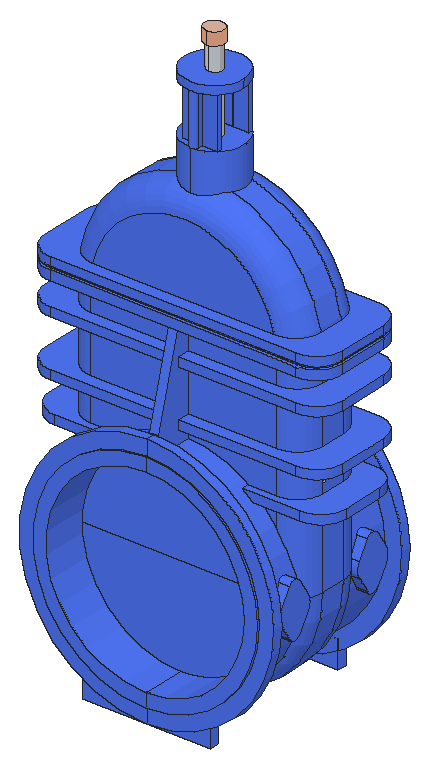
Revit family "54-3132-001 DN700-1000", category Pipe Accessories, Revit 2022
Family settings
  Round Connector Dimension = Use Diameter
  Part Type = Valve - Breaks Into
  Work Plane-Based = No
  Always vertical = No
  Cut with Voids When Loaded = No
  Shared = No
Parameters (values of type "54-0700-31-1102100")
  wedge_dim1 = Body_W * 1.1  # 300.30 mm
  sweep = size_lookup(Search_table, "sweep", 0.00 mm, DN)  # 5.00 mm
  stem_dim1 = Actuator_FLR * 0.65  # 68.25 mm
  stem_dim = F2 / 3  # 43.00 mm
  bottom_rib = OD * 0.5  # 450.00 mm
  W_half = W - W1  # 629.00 mm
  W1 = size_lookup(Search_table, "W1", 0.00 mm, DN)  # 421.00 mm
  W = size_lookup(Search_table, "W", 0.00 mm, DN)  # 1050.00 mm
  Stem_dim = Actuator_FLR * 0.5  # 52.50 mm
  Rib_W = (Bonnet_FL_W * 0.9) / 2  # 163.80 mm
  Rib_L = (Bonnet_FL_L * 0.9) / 2  # 472.50 mm
  Rib_H4 = size_lookup(Search_table, "Rib_H4", 0.00 mm, DN)  # 650.00 mm
  Rib_H3 = size_lookup(Search_table, "Rib_H3", 0.00 mm, DN)  # 550.00 mm
  Rib_H2 = size_lookup(Search_table, "Rib_H2", 0.00 mm, DN)  # 450.00 mm
  Rib_H1 = size_lookup(Search_table, "Rib_H1", 0.00 mm, DN)  # 300.00 mm
  Rib_H = Body_H * 0.8  # 598.80 mm
  Rib_Actual = W / 2  # 525.00 mm
  Raised_dis = size_lookup(Search_table, "Raised_dis", 0.00 mm, DN)  # 5.00 mm
  Raised_dia = size_lookup(Search_table, "Raised_dia", 0.00 mm, DN)  # 794.00 mm
  PN = size_lookup(Search_table, "PN", 0.00 mm, DN)  # 16.00 mm
  OD1 = H2 * 2  # 900.00 mm
  OD = size_lookup(Search_table, "OD", 0.00 mm, DN)  # 900.00 mm
  L = size_lookup(Search_table, "L", 0.00 mm, DN)  # 610.00 mm
  H2 = size_lookup(Search_table, "H2", 0.00 mm, DN)  # 450.00 mm
  H1 = size_lookup(Search_table, "H1", 0.00 mm, DN)  # 1497.00 mm
  H = 782.00 mm
  Fillet = Body_W / 3  # 91.00 mm
  FL_T = size_lookup(Search_table, "FL_T", 0.00 mm, DN)  # 39.50 mm
  F2 = size_lookup(Search_table, "F2", 0.00 mm, DN)  # 129.00 mm
  F1 = F * 0.45  # 18.90 mm
  F = Actuator_FLR * 0.4  # 42.00 mm
  DN = 700.12 mm
  Description_ = "AVK METAL SEAT GATE VALVE, FLANGED, PN 10/16"
  Default Elevation = 0.00 mm
  Search_table = "54-3132-001 DN700-1000"
  URL product pages = "https://www.avkvalves.com/P.aspx?no=540350310101100"
  Cut_dis = Bonnet_FL_T / 2  # 37.525 mm
  Bypass_R1 = Bypass_R * 2  # 52.00 mm
  Bypass_R = size_lookup(Search_table, "Bypass_R", 0.00 mm, DN)  # 26.00 mm
  Bypass_W = size_lookup(Search_table, "Bypass_W", 0.00 mm, DN)  # 65.00 mm
  Bypass_Location = size_lookup(Search_table, "Bypass_Location", 0.00 mm, DN)  # 172.00 mm
  Bypass_L = size_lookup(Search_table, "Bypass_L", 0.00 mm, DN)  # 70.00 mm
  Bore = DN / 2  # 350.06 mm
  Bonnet_fillet = Fillet / 3  # 30.333 mm
  Bonnet_dim3 = H1 * 0.86  # 1287.42 mm
  Bonnet_dim2 = Body_W * 0.35  # 95.55 mm
  Bonnet_dim1 = Body_L * 0.2  # 168.00 mm
  Bonnet_FL_W = size_lookup(Search_table, "Bonnet_FL_W", 0.00 mm, DN)  # 364.00 mm
  Bonnet_FL_T = FL_T * 1.9  # 75.05 mm
  Bonnet_FL_L = size_lookup(Search_table, "Bonnet_FL_L", 0.00 mm, DN)  # 1050.00 mm
  Body_rib_T = FL_T * 0.4  # 15.80 mm
  Body_T = size_lookup(Search_table, "Body_T", 0.00 mm, DN) / 2  # 342.50 mm
  Body_W = Bonnet_FL_W * 0.75  # 273.00 mm
  Body_L = Bonnet_FL_L * 0.8  # 840.00 mm
  Body_H = H1 / 2  # 748.50 mm
  BP_centre = Bypass_R / 2  # 13.00 mm
  Actuator_dim2 = Actuator_dim1 * 0.6  # 37.80 mm
  Actuator_dim1 = Actuator_FLR * 0.6  # 63.00 mm
  Actuator_FLR = size_lookup(Search_table, "Actuator_FLR", 0.00 mm, DN) / 2  # 105.00 mm
  ADN = size_lookup(Search_table, "ADN", 0.00 mm, DN)  # 700.00 mm
  ACtuator_T = Body_rib_T * 1.8  # 28.44 mm
  54-1000-32-1103100 = "DN1000_ PN16_ CTO"
  54-1000-32-1102100 = "DN1000_ PN16_ CTO"
  54-1000-32-0102100 = "DN1000_ PN10_ CTO"
  54-1000-31-1104100 = "DN1000_ PN16_ CTC"
  54-1000-31-1103100 = "DN1000_ PN16_ CTC"
  54-1000-31-1102100 = "DN1000_ PN16_ CTC"
  54-1000-31-0104100 = "DN1000_ PN10_ CTC"
  54-1000-31-0103100 = "DN1000_PN10_CTC"
  54-1000-31-0102100 = "DN1000_ PN10_ CTC"
  54-0900-32-1103100 = "DN900_ PN16_ CTO"
  54-0900-32-1102100 = "DN900_ PN16_ CTO"
  54-0900-32-0102100 = "DN900_ PN10_ CTO"
  54-0900-31-1103100 = "DN900_ PN16_ CTC"
  54-0900-31-1102100 = "DN900_ PN16_ CTC"
  54-0900-31-1101100 = "DN900_ PN16_ CTC"
  54-0900-31-0104100 = "DN900_ PN10_ CTC"
  54-0900-31-0102100 = "DN900_ PN10_ CTC"
  54-0900-31-0101100 = "DN900_ PN10_ CTC"
  54-0800-32-1103100 = "DN800_ PN16_ CTO"
  54-0800-32-1102100 = "DN800_ PN16_ CTO"
  54-0800-32-1101100 = "DN800_ PN16_ CTO"
  54-0800-32-0102100 = "DN800_ PN10_ CTO\r\nDN500_PN10_ CTC\r\nDN500_PN10_ CTC"
  54-0800-32-0101100 = "DN800_ PN10_ CTO"
  54-0800-31-1103100 = "DN800_ PN16_ CTC"
  54-0800-31-1102100 = "DN800_ PN16_ CTC"
  54-0800-31-1101100 = "DN800_ PN16_ CTC"
  54-0800-31-0103100 = "DN800_ PN10_ CTC"
  54-0800-31-0102100 = "DN800_ PN10_ CTC"
  54-0800-31-0101100 = "DN800_ PN10_ CTC"
  54-0700-32-1102100 = "DN700_ PN16_ CTO"
  54-0700-32-1101100 = "DN700_ PN16_ CTO"
  54-0700-32-0102100 = "DN700_ PN10_ CTO"
  54-0700-32-0101100 = "DN700_ PN10_ CTO"
  54-0700-31-1104100 = "DN700_ PN16_ CTC"
  54-0700-31-1103100 = "DN700_ PN16_ CTC"
  54-0700-31-1102100 = "DN700_ PN16_ CTC"
  54-0700-31-1101100 = "DN700_ PN16_ CTC"
  54-0700-31-0102100 = "DN700_ PN10_ CTC\r\nDN700_ PN10_ CTC\r\nDN700_ PN10_ CTC"
  54-0700-31-0101100 = "DN700_ PN10_ CTC"
  10 = 10.00 mm  # constant formula
  1 = 1.00 mm  # constant formula
Types (40, lengths in mm): name | wedge_dim1 | stem_dim1 | stem_dim | bottom_rib | W_half | W1 | W | Stem_dim | Rib_W | Rib_L | Rib_H4 | Rib_H3 | Rib_H2 | Rib_H1 | Rib_H | Rib_Actual | Raised_dia | PN | OD1 | OD | L | H2 | H1 | Fillet | FL_T | F2 | F1 | F | DN | Cut_dis | Bypass_Location | Bore | Bonnet_fillet | Bonnet_dim3 | Bonnet_dim2 | Bonnet_dim1 | Bonnet_FL_W | Bonnet_FL_T | Bonnet_FL_L | Body_rib_T | Body_T | Body_W | Body_L | Body_H | Actuator_dim2 | Actuator_dim1 | Actuator_FLR | ADN | ACtuator_T
  (no name) | 300.30 | 68.25 | 43.00 | 450.00 | 629.00 | 421.00 | 1050.00 | 52.50 | 163.80 | 472.50 | 650.00 | 550.00 | 450.00 | 300.00 | 598.80 | 525.00 | 794.00 | 16.00 | 900.00 | 900.00 | 610.00 | 450.00 | 1497.00 | 91.00 | 39.50 | 129.00 | 18.90 | 42.00 | 700.12 | 37.525 | 172.00 | 350.06 | 30.333 | 1287.42 | 95.55 | 168.00 | 364.00 | 75.05 | 1050.00 | 15.80 | 342.50 | 273.00 | 840.00 | 748.50 | 37.80 | 63.00 | 105.00 | 700.00 | 28.44
  54-0700-31-0101100 | 300.30 | 56.875 | 38.667 | 450.00 | 629.00 | 421.00 | 1050.00 | 43.75 | 163.80 | 472.50 | 650.00 | 550.00 | 450.00 | 300.00 | 598.80 | 525.00 | 794.00 | 10.00 | 900.00 | 900.00 | 610.00 | 450.00 | 1497.00 | 91.00 | 32.50 | 116.00 | 15.75 | 35.00 | 700.00 | 30.875 | 172.00 | 350.00 | 30.333 | 1287.42 | 95.55 | 168.00 | 364.00 | 61.75 | 1050.00 | 13.00 | 342.50 | 273.00 | 840.00 | 748.50 | 31.50 | 52.50 | 87.50 | 700.00 | 23.40
  54-0700-31-0102100 | 300.30 | 68.25 | 43.00 | 450.00 | 629.00 | 421.00 | 1050.00 | 52.50 | 163.80 | 472.50 | 650.00 | 550.00 | 450.00 | 300.00 | 598.80 | 525.00 | 794.00 | 10.00 | 900.00 | 900.00 | 610.00 | 450.00 | 1497.00 | 91.00 | 32.50 | 129.00 | 18.90 | 42.00 | 700.10 | 30.875 | 172.00 | 350.05 | 30.333 | 1287.42 | 95.55 | 168.00 | 364.00 | 61.75 | 1050.00 | 13.00 | 342.50 | 273.00 | 840.00 | 748.50 | 37.80 | 63.00 | 105.00 | 700.00 | 23.40
  54-0700-31-1101100 | 300.30 | 56.875 | 38.667 | 450.00 | 629.00 | 421.00 | 1050.00 | 43.75 | 163.80 | 472.50 | 650.00 | 550.00 | 450.00 | 300.00 | 598.80 | 525.00 | 794.00 | 16.00 | 900.00 | 900.00 | 610.00 | 450.00 | 1497.00 | 91.00 | 39.50 | 116.00 | 15.75 | 35.00 | 700.11 | 37.525 | 172.00 | 350.055 | 30.333 | 1287.42 | 95.55 | 168.00 | 364.00 | 75.05 | 1050.00 | 15.80 | 342.50 | 273.00 | 840.00 | 748.50 | 31.50 | 52.50 | 87.50 | 700.00 | 28.44
  54-0700-31-1102100 | 300.30 | 68.25 | 43.00 | 450.00 | 629.00 | 421.00 | 1050.00 | 52.50 | 163.80 | 472.50 | 650.00 | 550.00 | 450.00 | 300.00 | 598.80 | 525.00 | 794.00 | 16.00 | 900.00 | 900.00 | 610.00 | 450.00 | 1497.00 | 91.00 | 39.50 | 129.00 | 18.90 | 42.00 | 700.12 | 37.525 | 172.00 | 350.06 | 30.333 | 1287.42 | 95.55 | 168.00 | 364.00 | 75.05 | 1050.00 | 15.80 | 342.50 | 273.00 | 840.00 | 748.50 | 37.80 | 63.00 | 105.00 | 700.00 | 28.44
  54-0700-31-1103100 | 300.30 | 97.50 | 56.333 | 450.00 | 629.00 | 421.00 | 1050.00 | 75.00 | 163.80 | 472.50 | 650.00 | 550.00 | 450.00 | 300.00 | 598.80 | 525.00 | 794.00 | 16.00 | 900.00 | 900.00 | 610.00 | 450.00 | 1497.00 | 91.00 | 39.50 | 169.00 | 27.00 | 60.00 | 700.13 | 37.525 | 172.00 | 350.065 | 30.333 | 1287.42 | 95.55 | 168.00 | 364.00 | 75.05 | 1050.00 | 15.80 | 342.50 | 273.00 | 840.00 | 748.50 | 54.00 | 90.00 | 150.00 | 700.00 | 28.44
  54-0700-31-1104100 | 300.30 | 113.75 | 66.333 | 450.00 | 629.00 | 421.00 | 1050.00 | 87.50 | 163.80 | 472.50 | 650.00 | 550.00 | 450.00 | 300.00 | 598.80 | 525.00 | 794.00 | 16.00 | 900.00 | 900.00 | 610.00 | 450.00 | 1497.00 | 91.00 | 39.50 | 199.00 | 31.50 | 70.00 | 700.14 | 37.525 | 172.00 | 350.07 | 30.333 | 1287.42 | 95.55 | 168.00 | 364.00 | 75.05 | 1050.00 | 15.80 | 342.50 | 273.00 | 840.00 | 748.50 | 63.00 | 105.00 | 175.00 | 700.00 | 28.44
  54-0700-32-0101100 | 300.30 | 56.875 | 38.667 | 450.00 | 629.00 | 421.00 | 1050.00 | 43.75 | 163.80 | 472.50 | 650.00 | 550.00 | 450.00 | 300.00 | 598.80 | 525.00 | 794.00 | 10.00 | 900.00 | 900.00 | 610.00 | 450.00 | 1497.00 | 91.00 | 32.50 | 116.00 | 15.75 | 35.00 | 700.15 | 30.875 | 172.00 | 350.075 | 30.333 | 1287.42 | 95.55 | 168.00 | 364.00 | 61.75 | 1050.00 | 13.00 | 342.50 | 273.00 | 840.00 | 748.50 | 31.50 | 52.50 | 87.50 | 700.00 | 23.40
  54-0700-32-0102100 | 300.30 | 68.25 | 43.00 | 450.00 | 629.00 | 421.00 | 1050.00 | 52.50 | 163.80 | 472.50 | 650.00 | 550.00 | 450.00 | 300.00 | 598.80 | 525.00 | 794.00 | 10.00 | 900.00 | 900.00 | 610.00 | 450.00 | 1497.00 | 91.00 | 32.50 | 129.00 | 18.90 | 42.00 | 700.16 | 30.875 | 172.00 | 350.08 | 30.333 | 1287.42 | 95.55 | 168.00 | 364.00 | 61.75 | 1050.00 | 13.00 | 342.50 | 273.00 | 840.00 | 748.50 | 37.80 | 63.00 | 105.00 | 700.00 | 23.40
  54-0700-32-1101100 | 300.30 | 56.875 | 38.667 | 450.00 | 629.00 | 421.00 | 1050.00 | 43.75 | 163.80 | 472.50 | 650.00 | 550.00 | 450.00 | 300.00 | 598.80 | 525.00 | 794.00 | 16.00 | 900.00 | 900.00 | 610.00 | 450.00 | 1497.00 | 91.00 | 39.50 | 116.00 | 15.75 | 35.00 | 700.17 | 37.525 | 172.00 | 350.085 | 30.333 | 1287.42 | 95.55 | 168.00 | 364.00 | 75.05 | 1050.00 | 15.80 | 342.50 | 273.00 | 840.00 | 748.50 | 31.50 | 52.50 | 87.50 | 700.00 | 28.44
  54-0700-32-1102100 | 300.30 | 68.25 | 43.00 | 450.00 | 629.00 | 421.00 | 1050.00 | 52.50 | 163.80 | 472.50 | 650.00 | 550.00 | 450.00 | 300.00 | 598.80 | 525.00 | 794.00 | 16.00 | 900.00 | 900.00 | 610.00 | 450.00 | 1497.00 | 91.00 | 39.50 | 129.00 | 18.90 | 42.00 | 700.18 | 37.525 | 172.00 | 350.09 | 30.333 | 1287.42 | 95.55 | 168.00 | 364.00 | 75.05 | 1050.00 | 15.80 | 342.50 | 273.00 | 840.00 | 748.50 | 37.80 | 63.00 | 105.00 | 700.00 | 28.44
  54-0800-31-0101100 | 322.575 | 56.875 | 38.667 | 535.00 | 665.00 | 495.00 | 1160.00 | 43.75 | 175.95 | 522.00 | 750.00 | 650.00 | 550.00 | 190.00 | 675.60 | 580.00 | 901.00 | 10.00 | 1070.00 | 1070.00 | 660.00 | 535.00 | 1689.00 | 97.75 | 35.00 | 116.00 | 15.75 | 35.00 | 800.00 | 33.25 | 172.00 | 400.00 | 32.583 | 1452.54 | 102.638 | 185.60 | 391.00 | 66.50 | 1160.00 | 14.00 | 392.50 | 293.25 | 928.00 | 844.50 | 31.50 | 52.50 | 87.50 | 800.00 | 25.20
  54-0800-31-0102100 | 322.575 | 68.25 | 43.00 | 535.00 | 665.00 | 495.00 | 1160.00 | 52.50 | 175.95 | 522.00 | 750.00 | 650.00 | 550.00 | 190.00 | 675.60 | 580.00 | 901.00 | 10.00 | 1070.00 | 1070.00 | 660.00 | 535.00 | 1689.00 | 97.75 | 35.00 | 129.00 | 18.90 | 42.00 | 800.10 | 33.25 | 172.00 | 400.05 | 32.583 | 1452.54 | 102.638 | 185.60 | 391.00 | 66.50 | 1160.00 | 14.00 | 392.50 | 293.25 | 928.00 | 844.50 | 37.80 | 63.00 | 105.00 | 800.00 | 25.20
  54-0800-31-0103100 | 322.575 | 97.50 | 56.333 | 535.00 | 665.00 | 495.00 | 1160.00 | 75.00 | 175.95 | 522.00 | 750.00 | 650.00 | 550.00 | 190.00 | 675.60 | 580.00 | 901.00 | 10.00 | 1070.00 | 1070.00 | 660.00 | 535.00 | 1689.00 | 97.75 | 35.00 | 169.00 | 27.00 | 60.00 | 800.11 | 33.25 | 172.00 | 400.055 | 32.583 | 1452.54 | 102.638 | 185.60 | 391.00 | 66.50 | 1160.00 | 14.00 | 392.50 | 293.25 | 928.00 | 844.50 | 54.00 | 90.00 | 150.00 | 800.00 | 25.20
  54-0800-31-1101100 | 322.575 | 56.875 | 38.667 | 535.00 | 665.00 | 495.00 | 1160.00 | 43.75 | 175.95 | 522.00 | 750.00 | 650.00 | 550.00 | 190.00 | 675.60 | 580.00 | 901.00 | 16.00 | 1070.00 | 1070.00 | 660.00 | 535.00 | 1689.00 | 97.75 | 43.00 | 116.00 | 15.75 | 35.00 | 800.12 | 40.85 | 172.00 | 400.06 | 32.583 | 1452.54 | 102.638 | 185.60 | 391.00 | 81.70 | 1160.00 | 17.20 | 392.50 | 293.25 | 928.00 | 844.50 | 31.50 | 52.50 | 87.50 | 800.00 | 30.96
  54-0800-31-1102100 | 322.575 | 68.25 | 43.00 | 535.00 | 665.00 | 495.00 | 1160.00 | 52.50 | 175.95 | 522.00 | 750.00 | 650.00 | 550.00 | 190.00 | 675.60 | 580.00 | 901.00 | 16.00 | 1070.00 | 1070.00 | 660.00 | 535.00 | 1689.00 | 97.75 | 43.00 | 129.00 | 18.90 | 42.00 | 800.13 | 40.85 | 172.00 | 400.065 | 32.583 | 1452.54 | 102.638 | 185.60 | 391.00 | 81.70 | 1160.00 | 17.20 | 392.50 | 293.25 | 928.00 | 844.50 | 37.80 | 63.00 | 105.00 | 800.00 | 30.96
  54-0800-31-1103100 | 322.575 | 97.50 | 56.333 | 535.00 | 665.00 | 495.00 | 1160.00 | 75.00 | 175.95 | 522.00 | 750.00 | 650.00 | 550.00 | 190.00 | 675.60 | 580.00 | 901.00 | 16.00 | 1070.00 | 1070.00 | 660.00 | 535.00 | 1689.00 | 97.75 | 43.00 | 169.00 | 27.00 | 60.00 | 800.14 | 40.85 | 172.00 | 400.07 | 32.583 | 1452.54 | 102.638 | 185.60 | 391.00 | 81.70 | 1160.00 | 17.20 | 392.50 | 293.25 | 928.00 | 844.50 | 54.00 | 90.00 | 150.00 | 800.00 | 30.96
  54-0800-32-0101100 | 322.575 | 56.875 | 38.667 | 535.00 | 665.00 | 495.00 | 1160.00 | 43.75 | 175.95 | 522.00 | 750.00 | 650.00 | 550.00 | 190.00 | 675.60 | 580.00 | 901.00 | 10.00 | 1070.00 | 1070.00 | 660.00 | 535.00 | 1689.00 | 97.75 | 35.00 | 116.00 | 15.75 | 35.00 | 800.15 | 33.25 | 172.00 | 400.075 | 32.583 | 1452.54 | 102.638 | 185.60 | 391.00 | 66.50 | 1160.00 | 14.00 | 392.50 | 293.25 | 928.00 | 844.50 | 31.50 | 52.50 | 87.50 | 800.00 | 25.20
  54-0800-32-0102100 | 322.575 | 68.25 | 43.00 | 535.00 | 665.00 | 495.00 | 1160.00 | 52.50 | 175.95 | 522.00 | 750.00 | 650.00 | 550.00 | 190.00 | 675.60 | 580.00 | 901.00 | 10.00 | 1070.00 | 1070.00 | 660.00 | 535.00 | 1689.00 | 97.75 | 35.00 | 129.00 | 18.90 | 42.00 | 800.16 | 33.25 | 172.00 | 400.08 | 32.583 | 1452.54 | 102.638 | 185.60 | 391.00 | 66.50 | 1160.00 | 14.00 | 392.50 | 293.25 | 928.00 | 844.50 | 37.80 | 63.00 | 105.00 | 800.00 | 25.20
  54-0800-32-1101100 | 322.575 | 56.875 | 38.667 | 535.00 | 665.00 | 495.00 | 1160.00 | 43.75 | 175.95 | 522.00 | 750.00 | 650.00 | 550.00 | 190.00 | 675.60 | 580.00 | 901.00 | 16.00 | 1070.00 | 1070.00 | 660.00 | 535.00 | 1689.00 | 97.75 | 43.00 | 116.00 | 15.75 | 35.00 | 800.17 | 40.85 | 172.00 | 400.085 | 32.583 | 1452.54 | 102.638 | 185.60 | 391.00 | 81.70 | 1160.00 | 17.20 | 392.50 | 293.25 | 928.00 | 844.50 | 31.50 | 52.50 | 87.50 | 800.00 | 30.96
  54-0800-32-1102100 | 322.575 | 68.25 | 43.00 | 535.00 | 665.00 | 495.00 | 1160.00 | 52.50 | 175.95 | 522.00 | 750.00 | 650.00 | 550.00 | 190.00 | 675.60 | 580.00 | 901.00 | 16.00 | 1070.00 | 1070.00 | 660.00 | 535.00 | 1689.00 | 97.75 | 43.00 | 129.00 | 18.90 | 42.00 | 800.18 | 40.85 | 172.00 | 400.09 | 32.583 | 1452.54 | 102.638 | 185.60 | 391.00 | 81.70 | 1160.00 | 17.20 | 392.50 | 293.25 | 928.00 | 844.50 | 37.80 | 63.00 | 105.00 | 800.00 | 30.96
  54-0800-32-1103100 | 322.575 | 97.50 | 56.333 | 535.00 | 665.00 | 495.00 | 1160.00 | 75.00 | 175.95 | 522.00 | 750.00 | 650.00 | 550.00 | 190.00 | 675.60 | 580.00 | 901.00 | 16.00 | 1070.00 | 1070.00 | 660.00 | 535.00 | 1689.00 | 97.75 | 43.00 | 169.00 | 27.00 | 60.00 | 800.19 | 40.85 | 172.00 | 400.095 | 32.583 | 1452.54 | 102.638 | 185.60 | 391.00 | 81.70 | 1160.00 | 17.20 | 392.50 | 293.25 | 928.00 | 844.50 | 54.00 | 90.00 | 150.00 | 800.00 | 30.96
  54-0900-31-0101100 | 352.275 | 56.875 | 39.333 | 596.00 | 775.00 | 535.00 | 1310.00 | 43.75 | 192.15 | 586.80 | 850.00 | 750.00 | 650.00 | 200.00 | 737.60 | 655.00 | 1001.00 | 10.00 | 1192.00 | 1192.00 | 711.00 | 596.00 | 1844.00 | 106.75 | 37.50 | 118.00 | 15.75 | 35.00 | 900.00 | 35.625 | 208.00 | 450.00 | 35.583 | 1585.84 | 112.088 | 208.64 | 427.00 | 71.25 | 1304.00 | 15.00 | 442.50 | 320.25 | 1043.20 | 922.00 | 31.50 | 52.50 | 87.50 | 900.00 | 27.00
  54-0900-31-0102100 | 352.275 | 68.25 | 43.667 | 596.00 | 775.00 | 535.00 | 1310.00 | 52.50 | 192.15 | 586.80 | 850.00 | 750.00 | 650.00 | 200.00 | 737.60 | 655.00 | 1001.00 | 10.00 | 1192.00 | 1192.00 | 711.00 | 596.00 | 1844.00 | 106.75 | 37.50 | 131.00 | 18.90 | 42.00 | 900.10 | 35.625 | 208.00 | 450.05 | 35.583 | 1585.84 | 112.088 | 208.64 | 427.00 | 71.25 | 1304.00 | 15.00 | 442.50 | 320.25 | 1043.20 | 922.00 | 37.80 | 63.00 | 105.00 | 900.00 | 27.00
  54-0900-31-0104100 | 352.275 | 113.75 | 67.00 | 596.00 | 775.00 | 535.00 | 1310.00 | 87.50 | 192.15 | 586.80 | 850.00 | 750.00 | 650.00 | 200.00 | 737.60 | 655.00 | 1001.00 | 10.00 | 1192.00 | 1192.00 | 711.00 | 596.00 | 1844.00 | 106.75 | 37.50 | 201.00 | 31.50 | 70.00 | 900.11 | 35.625 | 208.00 | 450.055 | 35.583 | 1585.84 | 112.088 | 208.64 | 427.00 | 71.25 | 1304.00 | 15.00 | 442.50 | 320.25 | 1043.20 | 922.00 | 63.00 | 105.00 | 175.00 | 900.00 | 27.00
  54-0900-31-1101100 | 352.275 | 56.875 | 39.333 | 596.00 | 775.00 | 535.00 | 1310.00 | 43.75 | 192.15 | 586.80 | 850.00 | 750.00 | 650.00 | 200.00 | 737.60 | 655.00 | 1001.00 | 16.00 | 1192.00 | 1192.00 | 711.00 | 596.00 | 1844.00 | 106.75 | 46.50 | 118.00 | 15.75 | 35.00 | 900.12 | 44.175 | 208.00 | 450.06 | 35.583 | 1585.84 | 112.088 | 208.64 | 427.00 | 88.35 | 1304.00 | 18.60 | 442.50 | 320.25 | 1043.20 | 922.00 | 31.50 | 52.50 | 87.50 | 900.00 | 33.48
  54-0900-31-1102100 | 352.275 | 68.25 | 43.667 | 596.00 | 775.00 | 535.00 | 1310.00 | 52.50 | 192.15 | 586.80 | 850.00 | 750.00 | 650.00 | 200.00 | 737.60 | 655.00 | 1001.00 | 16.00 | 1192.00 | 1192.00 | 711.00 | 596.00 | 1844.00 | 106.75 | 46.50 | 131.00 | 18.90 | 42.00 | 900.13 | 44.175 | 208.00 | 450.065 | 35.583 | 1585.84 | 112.088 | 208.64 | 427.00 | 88.35 | 1304.00 | 18.60 | 442.50 | 320.25 | 1043.20 | 922.00 | 37.80 | 63.00 | 105.00 | 900.00 | 33.48
  54-0900-31-1103100 | 352.275 | 97.50 | 57.00 | 596.00 | 775.00 | 535.00 | 1310.00 | 75.00 | 192.15 | 586.80 | 850.00 | 750.00 | 650.00 | 200.00 | 737.60 | 655.00 | 1001.00 | 16.00 | 1192.00 | 1192.00 | 711.00 | 596.00 | 1844.00 | 106.75 | 46.50 | 171.00 | 27.00 | 60.00 | 900.14 | 44.175 | 208.00 | 450.07 | 35.583 | 1585.84 | 112.088 | 208.64 | 427.00 | 88.35 | 1304.00 | 18.60 | 442.50 | 320.25 | 1043.20 | 922.00 | 54.00 | 90.00 | 150.00 | 900.00 | 33.48
  54-0900-32-0102100 | 352.275 | 68.25 | 43.667 | 596.00 | 775.00 | 535.00 | 1310.00 | 52.50 | 192.15 | 586.80 | 850.00 | 750.00 | 650.00 | 200.00 | 737.60 | 655.00 | 1001.00 | 10.00 | 1192.00 | 1192.00 | 711.00 | 596.00 | 1844.00 | 106.75 | 37.50 | 131.00 | 18.90 | 42.00 | 900.15 | 35.625 | 208.00 | 450.075 | 35.583 | 1585.84 | 112.088 | 208.64 | 427.00 | 71.25 | 1304.00 | 15.00 | 442.50 | 320.25 | 1043.20 | 922.00 | 37.80 | 63.00 | 105.00 | 900.00 | 27.00
  54-0900-32-1102100 | 352.275 | 68.25 | 43.667 | 596.00 | 775.00 | 535.00 | 1310.00 | 52.50 | 192.15 | 586.80 | 850.00 | 750.00 | 650.00 | 200.00 | 737.60 | 655.00 | 1001.00 | 16.00 | 1192.00 | 1192.00 | 711.00 | 596.00 | 1844.00 | 106.75 | 46.50 | 131.00 | 18.90 | 42.00 | 900.16 | 44.175 | 208.00 | 450.08 | 35.583 | 1585.84 | 112.088 | 208.64 | 427.00 | 88.35 | 1304.00 | 18.60 | 442.50 | 320.25 | 1043.20 | 922.00 | 37.80 | 63.00 | 105.00 | 900.00 | 33.48
  54-0900-32-1103100 | 352.275 | 97.50 | 57.00 | 596.00 | 775.00 | 535.00 | 1310.00 | 75.00 | 192.15 | 586.80 | 850.00 | 750.00 | 650.00 | 200.00 | 737.60 | 655.00 | 1001.00 | 16.00 | 1192.00 | 1192.00 | 711.00 | 596.00 | 1844.00 | 106.75 | 46.50 | 171.00 | 27.00 | 60.00 | 900.17 | 44.175 | 208.00 | 450.085 | 35.583 | 1585.84 | 112.088 | 208.64 | 427.00 | 88.35 | 1304.00 | 18.60 | 442.50 | 320.25 | 1043.20 | 922.00 | 54.00 | 90.00 | 150.00 | 900.00 | 33.48
  54-1000-31-0102100 | 438.075 | 68.25 | 45.333 | 648.00 | 802.00 | 602.00 | 1404.00 | 52.50 | 238.95 | 627.30 | 880.00 | 7800.00 | 680.00 | 235.00 | 802.80 | 702.00 | 1112.00 | 10.00 | 1296.00 | 1296.00 | 813.00 | 648.00 | 2007.00 | 132.75 | 40.00 | 136.00 | 18.90 | 42.00 | 1000.00 | 38.00 | 208.00 | 500.00 | 44.25 | 1726.02 | 139.388 | 223.04 | 531.00 | 76.00 | 1394.00 | 16.00 | 492.50 | 398.25 | 1115.20 | 1003.50 | 37.80 | 63.00 | 105.00 | 1000.00 | 28.80
  54-1000-31-0103100 | 438.075 | 97.50 | 58.667 | 648.00 | 802.00 | 602.00 | 1404.00 | 75.00 | 238.95 | 627.30 | 880.00 | 7800.00 | 680.00 | 235.00 | 802.80 | 702.00 | 1112.00 | 10.00 | 1296.00 | 1296.00 | 813.00 | 648.00 | 2007.00 | 132.75 | 40.00 | 176.00 | 27.00 | 60.00 | 1000.10 | 38.00 | 208.00 | 500.05 | 44.25 | 1726.02 | 139.388 | 223.04 | 531.00 | 76.00 | 1394.00 | 16.00 | 492.50 | 398.25 | 1115.20 | 1003.50 | 54.00 | 90.00 | 150.00 | 1000.00 | 28.80
  54-1000-31-0104100 | 438.075 | 68.25 | 45.333 | 648.00 | 802.00 | 602.00 | 1404.00 | 52.50 | 238.95 | 627.30 | 880.00 | 7800.00 | 680.00 | 235.00 | 802.80 | 702.00 | 1112.00 | 16.00 | 1296.00 | 1296.00 | 813.00 | 648.00 | 2007.00 | 132.75 | 50.00 | 136.00 | 18.90 | 42.00 | 1000.12 | 47.50 | 208.00 | 500.06 | 44.25 | 1726.02 | 139.388 | 223.04 | 531.00 | 95.00 | 1394.00 | 20.00 | 492.50 | 398.25 | 1115.20 | 1003.50 | 37.80 | 63.00 | 105.00 | 1000.00 | 36.00
  54-1000-31-1102100 | 438.075 | 68.25 | 45.333 | 648.00 | 802.00 | 602.00 | 1404.00 | 52.50 | 238.95 | 627.30 | 880.00 | 7800.00 | 680.00 | 235.00 | 802.80 | 702.00 | 1112.00 | 16.00 | 1296.00 | 1296.00 | 813.00 | 648.00 | 2007.00 | 132.75 | 50.00 | 136.00 | 18.90 | 42.00 | 1000.12 | 47.50 | 208.00 | 500.06 | 44.25 | 1726.02 | 139.388 | 223.04 | 531.00 | 95.00 | 1394.00 | 20.00 | 492.50 | 398.25 | 1115.20 | 1003.50 | 37.80 | 63.00 | 105.00 | 1000.00 | 36.00
  54-1000-31-1103100 | 438.075 | 97.50 | 58.667 | 648.00 | 802.00 | 602.00 | 1404.00 | 75.00 | 238.95 | 627.30 | 880.00 | 7800.00 | 680.00 | 235.00 | 802.80 | 702.00 | 1112.00 | 16.00 | 1296.00 | 1296.00 | 813.00 | 648.00 | 2007.00 | 132.75 | 50.00 | 176.00 | 27.00 | 60.00 | 1000.13 | 47.50 | 208.00 | 500.065 | 44.25 | 1726.02 | 139.388 | 223.04 | 531.00 | 95.00 | 1394.00 | 20.00 | 492.50 | 398.25 | 1115.20 | 1003.50 | 54.00 | 90.00 | 150.00 | 1000.00 | 36.00
  54-1000-31-1104100 | 438.075 | 113.75 | 68.667 | 648.00 | 802.00 | 602.00 | 1404.00 | 87.50 | 238.95 | 627.30 | 880.00 | 7800.00 | 680.00 | 235.00 | 802.80 | 702.00 | 1112.00 | 16.00 | 1296.00 | 1296.00 | 813.00 | 648.00 | 2007.00 | 132.75 | 50.00 | 206.00 | 31.50 | 70.00 | 1000.14 | 47.50 | 208.00 | 500.07 | 44.25 | 1726.02 | 139.388 | 223.04 | 531.00 | 95.00 | 1394.00 | 20.00 | 492.50 | 398.25 | 1115.20 | 1003.50 | 63.00 | 105.00 | 175.00 | 1000.00 | 36.00
  54-1000-32-0102100 | 438.075 | 68.25 | 45.333 | 648.00 | 802.00 | 602.00 | 1404.00 | 52.50 | 238.95 | 627.30 | 880.00 | 7800.00 | 680.00 | 235.00 | 802.80 | 702.00 | 1112.00 | 10.00 | 1296.00 | 1296.00 | 813.00 | 648.00 | 2007.00 | 132.75 | 40.00 | 136.00 | 18.90 | 42.00 | 1000.15 | 38.00 | 208.00 | 500.075 | 44.25 | 1726.02 | 139.388 | 223.04 | 531.00 | 76.00 | 1394.00 | 16.00 | 492.50 | 398.25 | 1115.20 | 1003.50 | 37.80 | 63.00 | 105.00 | 1000.00 | 28.80
  54-1000-32-1102100 | 438.075 | 68.25 | 45.333 | 648.00 | 802.00 | 602.00 | 1404.00 | 52.50 | 238.95 | 627.30 | 880.00 | 7800.00 | 680.00 | 235.00 | 802.80 | 702.00 | 1112.00 | 16.00 | 1296.00 | 1296.00 | 813.00 | 648.00 | 2007.00 | 132.75 | 50.00 | 136.00 | 18.90 | 42.00 | 1000.16 | 47.50 | 208.00 | 500.08 | 44.25 | 1726.02 | 139.388 | 223.04 | 531.00 | 95.00 | 1394.00 | 20.00 | 492.50 | 398.25 | 1115.20 | 1003.50 | 37.80 | 63.00 | 105.00 | 1000.00 | 36.00
  54-1000-32-1103100 | 438.075 | 97.50 | 58.667 | 648.00 | 802.00 | 602.00 | 1404.00 | 75.00 | 238.95 | 627.30 | 880.00 | 7800.00 | 680.00 | 235.00 | 802.80 | 702.00 | 1112.00 | 16.00 | 1296.00 | 1296.00 | 813.00 | 648.00 | 2007.00 | 132.75 | 50.00 | 176.00 | 27.00 | 60.00 | 1000.17 | 47.50 | 208.00 | 500.085 | 44.25 | 1726.02 | 139.388 | 223.04 | 531.00 | 95.00 | 1394.00 | 20.00 | 492.50 | 398.25 | 1115.20 | 1003.50 | 54.00 | 90.00 | 150.00 | 1000.00 | 36.00
Reference planes
  plane 1 "Center (Front/Back)": y = 0
  plane 2: z = 0
  plane 3 "Center (Left/Right)": x = 0
  plane 4: z = 350.06
  plane 5: y = 190.5
  plane 6: y = -190.5
  plane 7: x = -629
  plane 8: y = 305
  plane 9: y = -305
  plane 10: y = 265.5
  plane 11: y = -265.5
  plane 12: z = 450
  plane 13: z = -450
  plane 14: z = 450
  plane 15: z = -450
  plane 16: z = 397
  plane 17: z = -397
  plane 18: y = 136.5
  plane 19: y = -136.5
  plane 20: x = -420
  plane 21: x = 420
  plane 22: z = 748.5
  plane 23: y = 182
  plane 24: y = -182
  plane 25: x = -525
  plane 26: x = 525
  plane 27: z = 823.55
  plane 28: z = 1497
  plane 29: y = 182
  plane 30: y = -182
  plane 31: z = 1287.42
  plane 32: z = 300
  plane 33: z = 277.5
  plane 34: y = -182
  plane 35: y = 182
  plane 36: z = 1626
  plane 37: x = 421
  plane 38: x = 405.2
  plane 39: y = 150.15
  plane 40: y = -150.15
  plane 41: x = -225
  plane 42: x = 225
  plane 43: z = -350.06
  plane 44: y = -300
  plane 45: y = 300
  plane 46: x = -225
  plane 47: x = 225
  plane 48: z = -350.06
  plane 49: x = -21
  plane 50: x = 21
  plane 51: x = -9.45
  plane 52: x = 9.45
  plane 53: x = -105
  plane 54: x = 105
  plane 55: x = 350.06
  plane 56: z = 450
  plane 57: z = 550
  plane 58: z = 650
  plane 59: z = 1583
  plane 60: y = -172
  plane 61: y = 172
Forms (mm)
  Revolve 1, solid, material "Plastic"
    sketch origin (0, 0, 0) x (0, 1, 0) y (0, 0, 1)
      loop
        line (305, 350.06) -> (305, 397) -> (300, 397) -> (300, 450) -> (265.5, 450) -> (265.5, 389.56) -> (-265.5, 389.56) -> (-265.5, 450) -> (-300, 450) -> (-300, 397) -> (-305, 397) -> (-305, 350.06) -> (305, 350.06)
      axis (305, 0) -> (-305, 0)
    angle from 0 to 360
  Extrusion 2, solid, material "Plastic"
    sketch origin (0, 0, 0) x (1, 0, 0) y (0, 1, 0)
      loop
        arc (-329, 136.5) -> (-393.347, 109.847) -> (-420, 45.5) r 91
        line (-420, 45.5) -> (-420, -45.5)
        arc (-420, -45.5) -> (-393.347, -109.847) -> (-329, -136.5) r 91
        line (-329, -136.5) -> (329, -136.5)
        arc (329, -136.5) -> (393.347, -109.847) -> (420, -45.5) r 91
        line (420, -45.5) -> (420, 45.5)
        arc (420, 45.5) -> (393.347, 109.847) -> (329, 136.5) r 91
        line (329, 136.5) -> (-329, 136.5)
    from 0 to 748.5
  Revolve 3, solid, material "Plastic"
    sketch origin (0, 0, 0) x (1, 0, 0) y (0, 1, 0)
      loop
        arc (-329, 136.5) -> (-393.347, 109.847) -> (-420, 45.5) r 91
        line (-420, 45.5) -> (-420, -45.5)
        arc (-420, -45.5) -> (-393.347, -109.847) -> (-329, -136.5) r 91
        line (-329, -136.5) -> (0, -136.5) -> (0, 136.5) -> (-329, 136.5)
      axis (0, 136.5) -> (0, -136.5)
    angle from 0 to 180
  Extrusion 4, solid, material "Plastic"
    sketch origin (0, 417.889, 748.5) x (0, 1, 0) y (-1, 0, 0)
      loop
        arc (-235.889, 434) -> (-262.542, 498.347) -> (-326.889, 525) r 91
        line (-326.889, 525) -> (-508.889, 525)
        arc (-508.889, 525) -> (-573.236, 498.347) -> (-599.889, 434) r 91
        line (-599.889, 434) -> (-599.889, -434)
        arc (-599.889, -434) -> (-573.236, -498.347) -> (-508.889, -525) r 91
        line (-508.889, -525) -> (-326.889, -525)
        arc (-326.889, -525) -> (-262.542, -498.347) -> (-235.889, -434) r 91
        line (-235.889, -434) -> (-235.889, 434)
    from 0 to 75.05
  Revolve 5, solid, material "Plastic"
    sketch origin (0, 417.889, 748.5) x (0, 1, 0) y (-1, 0, 0)
      loop
        arc (-372.389, -420) -> (-308.042, -393.347) -> (-281.389, -329) r 91
        line (-281.389, -329) -> (-281.389, 0) -> (-554.389, 0) -> (-554.389, -329)
        arc (-554.389, -329) -> (-527.736, -393.347) -> (-463.389, -420) r 91
        line (-463.389, -420) -> (-372.389, -420)
      axis (-281.389, 0) -> (-554.389, 0)
    angle from 360 to 180
  Sweep 6, void
    path in 3D
      loop
        arc (-434, 182, 823.55) -> (-498.347, 155.347, 823.55) -> (-525, 91, 823.55) r 91
        line (-525, 91, 823.55) -> (-525, -91, 823.55)
        arc (-525, -91, 823.55) -> (-498.347, -155.347, 823.55) -> (-434, -182, 823.55) r 91
        line (-434, -182, 823.55) -> (434, -182, 823.55)
        arc (434, -182, 823.55) -> (498.347, -155.347, 823.55) -> (525, -91, 823.55) r 91
        line (525, -91, 823.55) -> (525, 91, 823.55)
        arc (525, 91, 823.55) -> (498.347, 155.347, 823.55) -> (434, 182, 823.55) r 91
        line (434, 182, 823.55) -> (-434, 182, 823.55)
    profile origin (0, 182, 823.55) x (0, -1, 0) y (0, 0, 1)
      loop
        circle (0, -37.525) r 5
  Extrusion 7, solid, material "Plastic"
    sketch origin (0, 417.889, 748.5) x (0, 1, 0) y (-1, 0, 0)
      loop
        circle (-417.889, 0) r 105
    from 538.92 to 0
  Extrusion 8, solid, material "Plastic"
    sketch origin (-848.252, -1524, 300) x (-1, 0, 0) y (0, -1, 0)
      loop
        arc (-414.252, -1687.8) -> (-349.905, -1661.147) -> (-323.252, -1596.8) r 91
        line (-323.252, -1596.8) -> (-323.252, -1451.2)
        arc (-323.252, -1451.2) -> (-349.905, -1386.853) -> (-414.252, -1360.2) r 91
        line (-414.252, -1360.2) -> (-1282.252, -1360.2)
        arc (-1282.252, -1360.2) -> (-1346.599, -1386.853) -> (-1373.252, -1451.2) r 91
        line (-1373.252, -1451.2) -> (-1373.252, -1596.8)
        arc (-1373.252, -1596.8) -> (-1346.599, -1661.147) -> (-1282.252, -1687.8) r 91
        line (-1282.252, -1687.8) -> (-414.252, -1687.8)
    from -15.8 to 15.8
  Extrusion 9, solid, material "Plastic"
    sketch origin (0, 0, 0) x (0, 1, 0) y (0, 0, 1)
      loop
        line (182, 748.5) -> (136.5, 748.5) -> (136.5, 350.06) -> (265.5, 350.06) -> (265.5, 450) -> (182, 748.5)
      loop
        line (-182, 748.5) -> (-265.5, 450) -> (-265.5, 350.06) -> (-136.5, 350.06) -> (-136.5, 748.5) -> (-182, 748.5)
    from -15.8 to 15.8
  Extrusion 10, solid, material "Plastic"
    sketch origin (-736.328, -1524, 1497) x (-1, 0, 0) y (0, -1, 0)
      loop
        circle (-736.328, -1524) r 105
    from 0 to -28.44
  Extrusion 11, solid, material "Plastic"
    sketch origin (-736.328, -1524, 1497) x (-1, 0, 0) y (0, -1, 0)
      loop
        line (-720.528, -1587) -> (-752.128, -1587) -> (-752.128, -1613.2)
        arc (-752.128, -1613.2) -> (-736.328, -1629) -> (-720.528, -1613.2) r 15.8
        line (-720.528, -1613.2) -> (-720.528, -1587)
      loop
        line (-720.528, -1461) -> (-720.528, -1434.8)
        arc (-720.528, -1434.8) -> (-736.328, -1419) -> (-752.128, -1434.8) r 15.8
        line (-752.128, -1434.8) -> (-752.128, -1461) -> (-720.528, -1461)
    from -28.44 to -209.58
  Revolve 12, solid, material "Plastic"
    sketch origin (0, 0, 0) x (1, 0, 0) y (0, 1, 0)
      loop
        line (0, 150.15) -> (0, -150.15) -> (350.06, -150.15) -> (350.06, 150.15) -> (0, 150.15)
      axis (0, 150.15) -> (0, -150.15)
    angle from 0 to 360
  Extrusion 13, solid, material "Plastic"
    sketch origin (0, 0, 0) x (1, 0, 0) y (0, 0, 1)
      loop
        line (-225, -351.06) -> (-225, -450) -> (225, -450) -> (225, -351.06) -> (-225, -351.06)
    from 265.5 to 299
  Extrusion 14, solid, material "Plastic"
    sketch origin (0, 0, 0) x (1, 0, 0) y (0, 0, 1)
      loop
        line (-225, -450) -> (225, -450) -> (225, -351.06) -> (-225, -351.06) -> (-225, -450)
    from -299 to -265.5
  Extrusion 15, solid, material "Plastic"
    sketch origin (4267.2, -575.671, 450) x (0, -1, 0) y (1, 0, 0)
      loop
        arc (-757.671, -4701.2) -> (-731.018, -4765.547) -> (-666.671, -4792.2) r 91
        line (-666.671, -4792.2) -> (-484.671, -4792.2)
        arc (-484.671, -4792.2) -> (-420.324, -4765.547) -> (-393.671, -4701.2) r 91
        line (-393.671, -4701.2) -> (-393.671, -3833.2)
        arc (-393.671, -3833.2) -> (-420.324, -3768.853) -> (-484.671, -3742.2) r 91
        line (-484.671, -3742.2) -> (-666.671, -3742.2)
        arc (-666.671, -3742.2) -> (-731.018, -3768.853) -> (-757.671, -3833.2) r 91
        line (-757.671, -3833.2) -> (-757.671, -4701.2)
    from -15.8 to 15.8
  Extrusion 16, solid, material "Plastic"
    sketch origin (4267.2, -664.232, 650) x (0, -1, 0) y (1, 0, 0)
      loop
        arc (-846.232, -4701.2) -> (-819.579, -4765.547) -> (-755.232, -4792.2) r 91
        line (-755.232, -4792.2) -> (-573.232, -4792.2)
        arc (-573.232, -4792.2) -> (-508.885, -4765.547) -> (-482.232, -4701.2) r 91
        line (-482.232, -4701.2) -> (-482.232, -3833.2)
        arc (-482.232, -3833.2) -> (-508.885, -3768.853) -> (-573.232, -3742.2) r 91
        line (-573.232, -3742.2) -> (-755.232, -3742.2)
        arc (-755.232, -3742.2) -> (-819.579, -3768.853) -> (-846.232, -3833.2) r 91
        line (-846.232, -3833.2) -> (-846.232, -4701.2)
    from -15.8 to 15.8
  Extrusion 17, solid, material "Plastic"
    sketch origin (4267.2, -664.232, 650) x (0, -1, 0) y (1, 0, 0)
      loop
        line (-727.232, -4295.55) -> (-727.232, -4194.75) -> (-738.616, -4194.75) -> (-738.616, -4320.75) -> (-589.848, -4320.75) -> (-589.848, -4194.75) -> (-601.232, -4194.75) -> (-601.232, -4295.55) -> (-727.232, -4295.55)
    from 637.42 to 818.56
  Extrusion 18, solid, material "DynamoError"
    sketch origin (4267.2, -664.232, 650) x (0, -1, 0) y (1, 0, 0)
      loop
        circle (-664.232, -4267.2) r 34.125
    from 933 to 976
  Extrusion 19, solid
    sketch origin (4267.2, -664.232, 650) x (0, -1, 0) y (1, 0, 0)
      loop
        circle (-664.232, -4267.2) r 26.25
    from 933 to 637.42
  Extrusion 20, solid, material "Plastic"
    sketch origin (0, 0, -20.104) x (0, 1, 0) y (0, 0, 1)
      loop
        line (-194.064, 103.859) -> (-229.127, 47.614)
        arc (-229.127, 47.614) -> (-237, 20.104) -> (-229.127, -7.405) r 52
        line (-229.127, -7.405) -> (-194.064, -63.651)
        arc (-194.064, -63.651) -> (-172, -75.896) -> (-149.936, -63.651) r 26
        line (-149.936, -63.651) -> (-114.873, -7.405)
        arc (-114.873, -7.405) -> (-107, 20.104) -> (-114.873, 47.614) r 52
        line (-114.873, 47.614) -> (-149.936, 103.859)
        arc (-149.936, 103.859) -> (-172, 116.104) -> (-194.064, 103.859) r 26
      loop
        arc (194.064, 103.859) -> (172, 116.104) -> (149.936, 103.859) r 26
        line (149.936, 103.859) -> (114.873, 47.614)
        arc (114.873, 47.614) -> (107, 20.104) -> (114.873, -7.405) r 52
        line (114.873, -7.405) -> (149.936, -63.651)
        arc (149.936, -63.651) -> (172, -75.896) -> (194.064, -63.651) r 26
        line (194.064, -63.651) -> (229.127, -7.405)
        arc (229.127, -7.405) -> (237, 20.104) -> (229.127, 47.614) r 52
        line (229.127, 47.614) -> (194.064, 103.859)
    from 421 to 350.06
Cuts and joins
  Sweep 6 cuts Extrusion 4
Lines and regions (mm)
  sketch lines
    curve 1: line (434, 182, 823.55) -> (-434, 182, 823.55)
    curve 2: arc (-525, 91, 823.55) -> (-498.347, 155.347, 823.55) -> (-434, 182, 823.55) r 91
    curve 3: line (-525, 91, 823.55) -> (-525, -91, 823.55)
    curve 4: arc (-434, -182, 823.55) -> (-498.347, -155.347, 823.55) -> (-525, -91, 823.55) r 91
    curve 5: line (-434, -182, 823.55) -> (434, -182, 823.55)
    curve 6: arc (525, -91, 823.55) -> (498.347, -155.347, 823.55) -> (434, -182, 823.55) r 91
    curve 7: line (525, -91, 823.55) -> (525, 91, 823.55)
    curve 8: arc (434, 182, 823.55) -> (498.347, 155.347, 823.55) -> (525, 91, 823.55) r 91
Dimensions and locks
  "Bore": plane 4 to level
  equal spacing: plane 5, plane 1 "Center (Front/Back)", plane 6
  plane 3 "Center (Left/Right)" to plane 7 = 629.00 mm
  "Bore": Revolve 1 sketch curve to level
  equal spacing: Revolve 1, plane 1 "Center (Front/Back)", Revolve 1
  equal spacing: Revolve 1 sketch curve, plane 1 "Center (Front/Back)", Revolve 1 sketch curve  (x3)
  equal spacing: plane 8, plane 1 "Center (Front/Back)", plane 9
  "L": plane 8 to plane 9
  equal spacing: plane 10, plane 1 "Center (Front/Back)", plane 11
  "FL_T": plane 8 to plane 10
  equal spacing: plane 13, level, plane 12
  "OD": plane 12 to plane 13
  "Raised_dis": plane 8 to Revolve 1
  equal spacing: plane 16, level, plane 17
  equal spacing: plane 14, level, plane 15
  "OD1": plane 14 to plane 15
  "Raised_dia": plane 16 to plane 17
  "FL_T": Revolve 1 sketch curve to plane 4
  equal spacing: plane 19, plane 1 "Center (Front/Back)", plane 18
  "Body_W": plane 18 to plane 19
  equal spacing: plane 20, plane 3 "Center (Left/Right)", plane 21
  "Body_L": plane 20 to plane 21
  equal spacing: Extrusion 2 sketch curve, plane 3 "Center (Left/Right)", Extrusion 2 sketch curve
  equal spacing: Extrusion 2 sketch curve, plane 1 "Center (Front/Back)", Extrusion 2 sketch curve
  "Body_H": Extrusion 2 to level
  "Body_H": plane 22 to level
  equal spacing: Extrusion 4 sketch curve, plane 1 "Center (Front/Back)", Extrusion 4 sketch curve
  equal spacing: Extrusion 4 sketch curve, plane 3 "Center (Left/Right)", Extrusion 4 sketch curve
  equal spacing: plane 24, plane 1 "Center (Front/Back)", plane 23
  "Bonnet_FL_W": plane 23 to plane 24
  equal spacing: plane 25, plane 3 "Center (Left/Right)", plane 26
  "Bonnet_FL_L": plane 25 to plane 26
  "Bonnet_FL_T": plane 27 to plane 22
  "H1": plane 28 to level
  equal spacing: plane 29, plane 1 "Center (Front/Back)", plane 30
  "Bonnet_FL_W": plane 29 to plane 30
  equal spacing: plane 27, Sweep 6 sketch curve, plane 22
  "sweep": plane 29 to Sweep 6 sketch curve
  "Bonnet_dim3": plane 31 to level
  "Rib_H1": plane 32 to level
  equal spacing: Extrusion 8 sketch curve, plane 1 "Center (Front/Back)", Extrusion 8 sketch curve
  equal spacing: Extrusion 8 sketch curve, plane 3 "Center (Left/Right)", Extrusion 8 sketch curve
  equal spacing: Extrusion 8, plane 32, Extrusion 8
  "Body_rib_T": plane 32 to Extrusion 8
  "Rib_W": plane 1 "Center (Front/Back)" to Extrusion 8 sketch curve
  "Rib_Actual": Extrusion 8 sketch curve to plane 3 "Center (Left/Right)"
  "OD": plane 13 to Extrusion 9 sketch curve  (x2)
  equal spacing: plane 35, plane 1 "Center (Front/Back)", plane 34
  "Bonnet_FL_W": plane 35 to plane 34
  "Bonnet_FL_W": Extrusion 9 sketch curve to plane 34
  "Bonnet_FL_W": plane 35 to Extrusion 9 sketch curve
  equal spacing: Extrusion 9, plane 3 "Center (Left/Right)", Extrusion 9
  "Body_rib_T": plane 3 "Center (Left/Right)" to Extrusion 9
  "F2": plane 36 to plane 28
  equal spacing: Extrusion 10 sketch curve, plane 3 "Center (Left/Right)", Extrusion 10 sketch curve
  equal spacing: Extrusion 10 sketch curve, plane 1 "Center (Front/Back)", Extrusion 10 sketch curve
  "ACtuator_T": plane 28 to Extrusion 10
  "Body_rib_T": Extrusion 11 sketch curve to plane 3 "Center (Left/Right)"
  equal spacing: Extrusion 11 sketch curve, plane 3 "Center (Left/Right)", Extrusion 11 sketch curve
  "Actuator_FLR": plane 1 "Center (Front/Back)" to Extrusion 11 sketch curve
  equal spacing: Extrusion 11 sketch curve, plane 1 "Center (Front/Back)", Extrusion 11 sketch curve  (x2)
  "ACtuator_T": plane 28 to Extrusion 11
  "Body_rib_T": plane 37 to plane 38
  "W1": plane 37 to plane 3 "Center (Left/Right)"
  "W_half": plane 3 "Center (Left/Right)" to plane 7
  plane 37 to plane 7 = 1050.00 mm
  equal spacing: plane 40, plane 1 "Center (Front/Back)", plane 39
  "wedge_dim1": plane 39 to plane 40
  equal spacing: Revolve 12 sketch curve, plane 1 "Center (Front/Back)", Revolve 12 sketch curve
  "Bore": plane 3 "Center (Left/Right)" to Revolve 12 sketch curve
  equal spacing: Extrusion 13 sketch curve, plane 3 "Center (Left/Right)", Extrusion 13 sketch curve
  equal spacing: plane 42, plane 3 "Center (Left/Right)", plane 41
  "bottom_rib": plane 42 to plane 41
  "Bore": level to plane 43
  "Raised_dis": plane 9 to plane 44
  "1": plane 44 to Extrusion 13
  "Raised_dis": plane 45 to plane 8
  equal spacing: Extrusion 14 sketch curve, plane 3 "Center (Left/Right)", Extrusion 14 sketch curve
  equal spacing: plane 47, plane 3 "Center (Left/Right)", plane 46
  "bottom_rib": plane 47 to plane 46
  "Bore": level to plane 48
  "1": plane 48 to Extrusion 14 sketch curve
  "1": Extrusion 14 to plane 45
  "1": plane 43 to Extrusion 13 sketch curve
  plane 9 to plane 8 = 610.00 mm
  plane 13 to level = 450.00 mm
  plane 28 to level = 1497.00 mm  (x2)
  level to plane 13 = 450.00 mm
  equal spacing: plane 50, plane 3 "Center (Left/Right)", plane 49
  "F": plane 50 to plane 49
  equal spacing: plane 52, plane 3 "Center (Left/Right)", plane 51
  "F1": plane 52 to plane 51
  equal spacing: plane 54, plane 3 "Center (Left/Right)", plane 53
  "Actuator_FLR": plane 3 "Center (Left/Right)" to plane 53
  plane 54 to plane 53 = 210.00 mm
  "Bore": plane 55 to plane 3 "Center (Left/Right)"
  "Rib_H2": plane 56 to level
  equal spacing: Extrusion 15, plane 56, Extrusion 15  (x2)
  Extrusion 15 to plane 12 = 15.80 mm
  "Rib_H3": plane 57 to level
  "Rib_H4": plane 58 to level
  "Body_rib_T": Extrusion 15 to plane 56
  equal spacing: Extrusion 16, plane 58, Extrusion 16
  "Body_rib_T": Extrusion 16 to plane 58
  equal spacing: Extrusion 17 sketch curve, plane 52, Extrusion 17 sketch curve
  equal spacing: Extrusion 17 sketch curve, plane 1 "Center (Front/Back)", Extrusion 17 sketch curve  (x2)
  "Actuator_dim2": Extrusion 17 sketch curve to plane 52
  "Actuator_dim1": plane 1 "Center (Front/Back)" to Extrusion 17 sketch curve
  "Actuator_dim1": plane 52 to Extrusion 17 sketch curve
  "ACtuator_T": plane 28 to Extrusion 17
  "Actuator_dim1": plane 1 "Center (Front/Back)" to Extrusion 11 sketch curve
  equal spacing: Extrusion 7 sketch curve, plane 1 "Center (Front/Back)", Extrusion 7 sketch curve
  equal spacing: Extrusion 7 sketch curve, plane 3 "Center (Left/Right)", Extrusion 7 sketch curve
  equal spacing: Extrusion 18 sketch curve, plane 3 "Center (Left/Right)", Extrusion 18 sketch curve
  equal spacing: Extrusion 18 sketch curve, plane 1 "Center (Front/Back)", Extrusion 18 sketch curve
  equal spacing: Extrusion 19 sketch curve, plane 3 "Center (Left/Right)", Extrusion 19 sketch curve
  equal spacing: Extrusion 19 sketch curve, plane 1 "Center (Front/Back)", Extrusion 19 sketch curve
  "stem_dim": plane 36 to plane 59
  equal spacing: plane 60, plane 1 "Center (Front/Back)", plane 61
  "Bypass_Location": plane 60 to plane 1 "Center (Front/Back)"
  "Bypass_Location": Extrusion 20 sketch curve to plane 1 "Center (Front/Back)"
  "Bypass_L": Extrusion 20 sketch curve to level  (x4)
  "Bypass_W": Extrusion 20 sketch curve to plane 60
  "Bypass_W": plane 60 to Extrusion 20 sketch curve
  "Bypass_Location": plane 1 "Center (Front/Back)" to Extrusion 20 sketch curve
  "Bypass_W": Extrusion 20 sketch curve to plane 61
  "Bypass_W": plane 61 to Extrusion 20 sketch curve
  "Fillet": radius of Extrusion 2 sketch curve  (x4)
  "Fillet": radius of Extrusion 4 sketch curve  (x4)
  "sweep": radius of Sweep 6 sketch curve
  "Fillet": radius of Extrusion 8 sketch curve  (x4)
  "Actuator_FLR": radius of Extrusion 10 sketch curve
  "Actuator_FLR": radius of Extrusion 7 sketch curve
  "stem_dim1": diameter of Extrusion 18 sketch curve
  "Stem_dim": diameter of Extrusion 19 sketch curve
  "Bypass_R": radius of Extrusion 20 sketch curve  (x4)
  "Bypass_R1": radius of Extrusion 20 sketch curve  (x4)
  aligned and locked: level to plane 2
  aligned and locked: Revolve 1 sketch curve to Revolve 1 sketch curve  (x2)
  aligned and locked: Revolve 1 sketch curve to level
  aligned and locked: plane 8 to Revolve 1
  aligned and locked: Revolve 1 to plane 10
  aligned and locked: plane 14 to Revolve 1 sketch curve
  aligned and locked: plane 16 to Revolve 1 sketch curve
  aligned and locked: Extrusion 2 sketch curve to plane 18
  aligned and locked: plane 20 to Extrusion 2 sketch curve
  aligned and locked: Extrusion 2 to level
  aligned and locked: Revolve 3 sketch curve to Extrusion 2  (x2)
  aligned and locked: Revolve 3 sketch curve to plane 3 "Center (Left/Right)"  (x2)
  aligned and locked: Extrusion 4 sketch curve to plane 23
  aligned and locked: plane 25 to Extrusion 4 sketch curve
  aligned and locked: plane 27 to Extrusion 4
  aligned and locked: Revolve 5 sketch curve to Extrusion 2  (x2)
  aligned and locked: Revolve 5 sketch curve to plane 3 "Center (Left/Right)"  (x2)
  aligned and locked: plane 22 to Revolve 5
  aligned and locked: Revolve 5 to plane 22
  aligned and locked: level to Revolve 3
  aligned and locked: Revolve 3 to level
  aligned and locked: plane 31 to Extrusion 7
  aligned and locked: Extrusion 7 to plane 22
  aligned and locked: plane 4 to Extrusion 9 sketch curve
  aligned and locked: plane 18 to Extrusion 9 sketch curve
  aligned and locked: Extrusion 9 sketch curve to plane 22
  aligned and locked: plane 10 to Extrusion 9 sketch curve
  aligned and locked: Extrusion 9 sketch curve to plane 4
  aligned and locked: Extrusion 9 sketch curve to plane 11
  aligned and locked: plane 19 to Extrusion 9 sketch curve
  aligned and locked: plane 22 to Extrusion 9 sketch curve
  aligned and locked: Extrusion 10 to plane 28
  aligned and locked: Extrusion 11 to plane 31
  aligned and locked: plane 3 "Center (Left/Right)" to Revolve 12 sketch curve
  aligned and locked: Revolve 12 sketch curve to plane 39
  aligned and locked: Revolve 12 sketch curve to plane 3 "Center (Left/Right)"
  aligned and locked: nested 1 to plane 4
  aligned and locked: nested 1 to plane 1 "Center (Front/Back)"
  aligned and locked: plane 13 to Extrusion 13 sketch curve
  aligned and locked: Extrusion 13 to plane 11
  aligned and locked: Extrusion 14 sketch curve to plane 13
  aligned and locked: plane 10 to Extrusion 14
  aligned and locked: Extrusion 15 sketch curve to cut or joined group of Extrusion 4, Sweep 6  (x4)
  aligned and locked: Extrusion 16 sketch curve to cut or joined group of Extrusion 4, Sweep 6  (x4)
  aligned and locked: Extrusion 17 sketch curve to Extrusion 17 sketch curve
  aligned and locked: Extrusion 17 to plane 31
  aligned and locked: plane 36 to Extrusion 18
  aligned and locked: Extrusion 19 to plane 31
  aligned and locked: Extrusion 18 to plane 59
  aligned and locked: plane 59 to Extrusion 19
  aligned and locked: Extrusion 20 to plane 37
  aligned and locked: Extrusion 20 to plane 55
  aligned and locked: Extrusion 11 sketch curve to Extrusion 11 sketch curve  (x2)
  aligned and locked: Extrusion 13 to Extrusion 14
Automatic sketch dimensions
  plane 11 to Revolve 3 sketch curve = 32.17 mm
  plane 10 to Revolve 3 sketch curve = 29.83 mm
  Revolve 5 sketch curve to plane 11 = 0.00 mm
  Revolve 5 sketch curve to plane 5 = 93.932 mm
  Revolve 1 sketch curve to plane 9 = 0.00 mm
  Revolve 1 sketch curve to plane 44 = 0.00 mm
  Revolve 1 sketch curve to plane 11 = 0.00 mm
  Revolve 1 sketch curve to plane 44 = 1.981 mm
  Revolve 1 sketch curve to plane 5 = 1.519 mm
  plane 9 to Revolve 12 sketch curve = 103.322 mm
  Revolve 12 sketch curve to plane 8 = 234.678 mm
  Extrusion 13 sketch curve to plane 41 = 0.00 mm
  Extrusion 14 sketch curve to plane 46 = 0.00 mm
  Extrusion 17 sketch curve to Extrusion 17 sketch curve = 11.384 mm
  Extrusion 20 sketch curve to plane 60 = 0.00 mm
  Extrusion 20 sketch curve to plane 61 = 0.00 mm
  Extrusion 20 sketch curve to level = 0.00 mm  (x4)
Nested families
  nested 1: "logo large-1" at (420, 0, 350.06) x (0, 1, 0) z (1, 0, 0), type "logo large-1"
Connectors
  piping at (0, -300, 0), diameter 700.12, driven by "DN"
    settings: on Revolve 1, index 1, connector inside diameter 609.6 mm, connector length 0.00 mm, flow factor 0, pipe flow 0.0 L/s, pressure drop 0.0 Pa, fitting loss kfactor 0, connector angle 0.00°, fixture units 0, engagement length 0.00 mm, angle of deflection 0.00°, flow configuration 0, flow direction 0, fitting loss method 0, system type 7, joint type 0, gender type 0, connector reference index -1, connector utility 0, adjustable connector no, is connector primary yes, connector description ""
  piping at (0, 305, 0), diameter 700.12, driven by "DN"
    settings: on Revolve 1, index 2, connector inside diameter 609.6 mm, connector length 0.00 mm, flow factor 0, pipe flow 0.0 L/s, pressure drop 0.0 Pa, fitting loss kfactor 0, connector angle 0.00°, fixture units 0, engagement length 0.00 mm, angle of deflection 0.00°, flow configuration 0, flow direction 0, fitting loss method 0, system type 7, joint type 0, gender type 0, connector reference index -1, connector utility 0, adjustable connector no, is connector primary no, connector description ""
Definition of nested family "logo large-1"
  Parameters (values of type "logo large-1")
    Default Elevation = 1219.20 mm
    DN600 = yes
    DN500 = yes
  Reference planes
    plane 1 "Center (Front/Back)": y = 0
    plane 2: z = 0
    plane 3 "Center (Left/Right)": x = 0
  Forms (mm)
    Extrusion 1, solid
      sketch origin (0, 0, 0) x (1, 0, 0) y (0, 1, 0)
        loop
          line (-1219.2, 1219.2) -> (-1219.2, -1219.2) -> (1219.2, -1219.2) -> (1219.2, 1219.2) -> (-1219.2, 1219.2)
      from 0 to -304.8
    Extrusion 2, solid, visible <- "DN600"
      sketch origin (0, 0, 0) x (1, 0, 0) y (0, 1, 0)
        loop
          line (-13.414, 47.067) -> (-49.421, 47.067) -> (-49.421, 37.301) -> (-20.11, 37.301) -> (-4.923, 0) -> (4.923, 0) -> (20.11, 37.301) -> (49.421, 37.301) -> (49.421, 47.067) -> (13.414, 47.067) -> (0, 14.12) -> (-13.414, 47.067)
        loop
          line (-49.421, 24.122) -> (-40.161, 24.122) -> (-49.421, 0) -> (-38.959, 0) -> (-36.972, 5.177) -> (-21.641, 5.177) -> (-19.533, 0) -> (-8.989, 0) -> (-22.642, 33.536) -> (-49.421, 33.536) -> (-49.421, 24.122)
        loop
          line (-34.548, 14.12) -> (-25.282, 14.12) -> (-30.051, 25.833) -> (-34.548, 14.12)
        loop
          line (22.642, 33.536) -> (8.989, 0) -> (19.533, 0) -> (24.902, 13.186) -> (34.838, 0) -> (47.067, 0) -> (35.829, 14.914)
          arc (35.829, 14.914) -> (42.384, 18.149) -> (46.597, 24.122) r 14.826
          line (46.597, 24.122) -> (49.421, 24.122) -> (49.421, 33.536) -> (40.007, 33.536)
          arc (40.007, 33.536) -> (36.577, 25.039) -> (28.208, 21.306) r 12.238
          line (28.208, 21.306) -> (33.187, 33.536) -> (22.642, 33.536)
      from 0 to 1
  Dimensions and locks
    aligned and locked: plane 2 to Extrusion 1
    aligned and locked: level to Extrusion 1
